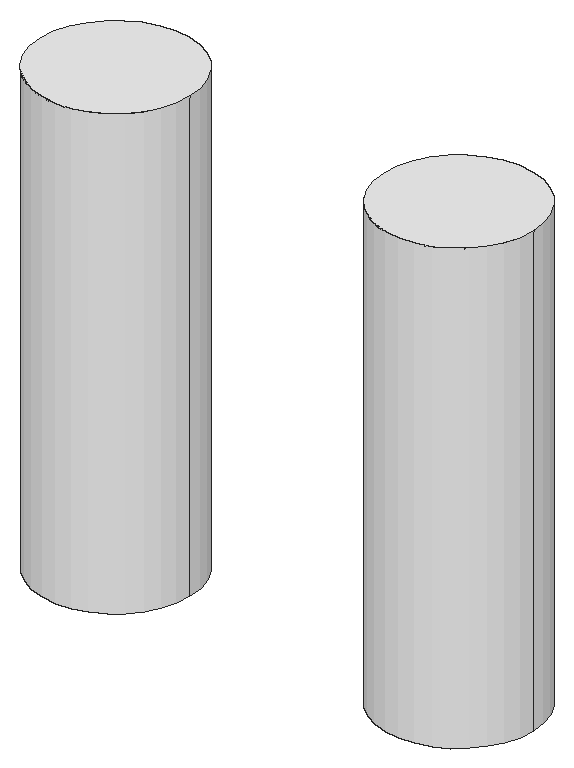
Revit family "92102219(2023)", category Plumbing Fixtures, Revit 2020
Family settings
  Round Connector Dimension = Use Diameter
  Part Type = Normal
  OmniClass Number = 23.45.55.00
  OmniClass Title = Sanitary Faucets, Wastes
  Work Plane-Based = No
  Always vertical = Yes
  Cut with Voids When Loaded = No
  Shared = No
  Room Calculation Point = No
Parameters (values of type "92102219 Washbasin faucet, 3 V, Bluetooth")
  Working Pressure = "100 - 1000 kPa"
  WarrantyStartDate [instance] = "n/a"
  WarrantyGuarantorParts = "n/a"
  WarrantyGuarantorLabor = "n/a"
  WarrantyDurationUnit = "Year"
  WarrantyDurationParts = "n/a"
  WarrantyDurationLabor = "n/a"
  WarrantyDescription = "http://warranty.hansa.com"
  Warranty Information URL = "http://warranty.hansa.com"
  VersionDate = "01/06/2023"
  Version = "1"
  ValvePattern = "n/a"
  ValveOperation = "n/a"
  ValveMechanism = "n/a"
  Uniclass2015Reference = "Pr_40_20_87_96"
  Uniclass2015Description = "Washbasin manual water supply sets"
  Uniclass2 = "Pr_40_30_96_96"
  URL WEEE = "http://static.hansa.com/WEEE/92102219"
  URL UWL = "http://static.hansa.com/UWL/92102219"
  URL REACH = "http://static.hansa.com/doc/reach"
  URL EcoLabel Declaration = "http://static.hansa.com/doc/EcoLabel"
  URL EU Packaging Declaration = "http://static.hansa.com/doc/packaging"
  URL Declaration of SCIP = "http://static.hansa.com/doc/SCIP"
  URL Declaration of Conformity = "http://static.hansa.com/DoC/92102219"
  URL Declaration of Asbestos = "http://static.hansa.com/doc/asbestos"
  URL Declaration Of Performance (DOP) = "http://static.hansa.com/doc/DoP"
  URL = ""
  UNSPSC Class Number = "30181700 Faucets or taps"
  Type Comments = ""
  TestPressure = "n/a"
  Temperature Adjustments = "Adjustable hot water stop (included, retrofittable)"
  Technical DataSheet URL = "http://www.hansa.com/datasheet/92102219/en"
  TagNumber [instance] = "n/a"
  SustainabilityPerformance = "n/a"
  Surface treatment = "Chrome"
  Spout Type = "Fixed spout"
  Spout Projection = "117 mm"
  Size = "70x165x135 mm"
  Shape = "Sculptured"
  SerialNumber [instance] = "n/a"
  Sales Package dimensions (LxWxH) = "284 x 191 x 83.5"
  Revision = "n/a"
  ReplacementCost = "n/a"
  Protection Class = "IP 55"
  ProductInformation = "n/a"
  Product URL = "http://static.hansa.com/92102219"
  Product Image URL = "http://static.hansa.com/image/92102219"
  Product Family = "HANSAELECTRA Safety"
  Product Code = "92102219"
  OperatingMechanismMaterial = "n/a"
  Operating Voltage = 39 V
  Operating Distance = "20-130 mm (110/130/160 mm)"
  NominalWidth = 69.286 mm
  NominalHeight = 135.012 mm
  NominalDepth = 163.081 mm
  Noise Class = "I (ISO 3822) "
  Name_en = "92102219 Washbasin faucet, 3 V, Bluetooth"
  Name = "92102219 Washbasin faucet, 3 V, Bluetooth"
  NBSReference = "45-35-70/371"
  NBSDescription = "Water supply fittings for wash basins and troughs"
  Mounting Holes = "1 hole"
  ModelReference = "92102219"
  ModelNumber = "n/a"
  Model = "92102219 Washbasin faucet, 3 V, Bluetooth"
  Mobile Product Information URL = "http://mpi.hansa.com/92102219"
  Mechanical Parts = "Mixing valve for manual temperature control;Non-return valve(s);Litter filter(s)"
  Max. Hot Water Supply = 70 °C
  Max Flow Period = "2 min (1 - 1800 s)"
  Material = "Composite"
  Market = "International;Germany;Austria;Switzerland;Belgium;Netherlands;Italy"
  ManufacturerURL = "http://www.hansa.com"
  ManufacturerName = "HANSA"
  Manufacturer = "HANSA"
  Long Marketing = "Electra 92 series is giving you a whole new modern design with its rounded square body and spout. Giving you new fresh and updated design.\nDesign compliments the new trends of the modern bathroom with its more squared design.\n\nKey Features\nAerator with Tilt function +/- 10° for more flexible installation\nNewest Sensor technology for better detection and operation comfort\nBluetooth technology for easy adjustment to personalize settings \nAntiscalding protection\nTemperature measurement\nBattery and power cable"
  Lever Handle = "Temperature control handle"
  Keynote = ""
  InstallationDate [instance] = "n/a"
  Installation Type = "Deck mounted"
  InletConnectionSize = 10 mm
  IfcExportType = "FAUCET"  # constant formula
  IfcExportAs = "IfcValveType"  # constant formula
  Group = "Washbasin faucet"
  Grade = "n/a"
  FlowCoefficient = 0
  Flow Rate At 300kPa With Flow Controller = 0.09 L/s
  Flow Drawing URL = "http://static.hansa.com/flowchart/92102219"
  Finish = "Polished"
  Features = "Touchless;Battery-operated;External transformer;Bluetooth®;Lead free"
  FaucetMainMaterial = Brass
  FDV Document URL = "http://www.hansa.com/datasheet/92102219/en/fdv"
  ExpectedLife = "n/a"
  Electronic Parts = ";Light indicated function(s);Low battery indicator"
  Electrical Connection = "9 V"
  ETIM Class Number = "EC010340 Electronic tap"
  EN Standard = "EN 15091"
  EMC Directive = "2014/53/EU , 2011/65/EU"
  EAN Number = "4057304019296"
  DurationUnit = "Year"
  Dimension Drawing URL = "http://static.hansa.com/dimdrw/92102219"
  Description = ""
  DefaultElevation [instance] = 900 mm
  Default Elevation = 0 mm
  Constituents = "n/a"
  Connection Size = "G3/8"
  Connection = "Flexible inlet pipes"
  Color = "Chrome"
  CodePerformance = "n/a"
  CloseOffRating = 0
  Catalog Drawing URL = "http://static.hansa.com/catdrw/92102219"
  Brand = "HANSA"
  BodyMaterial = "Brass"
  Bluetooth = "5.x (D060576)"
  Battery = "AA 1.5 V Lithium x 2"
  Barcode [instance] = "n/a"
  Backflow Prevention EN1717 = "EB"
  BIMObjectName = "92102219(2023)"
  Automatic Flush Period = "30 s (1-1800 s)"
  Automatic Flush Frequency = "off (off/1-120 h)"
  Author = "BIMStone"
  AssetType = "Fixed"
  AssetIdentifier [instance] = "n/a"
  Afterflow Period = "3 s (1-20 s)"
  Aerator = "PCA® - constant flow rate regardless of pressure variations;Adjustable flow angle"
  Advanced Features = "3S-installation system for safe and simple mounting"
  AccessibilityPerformance = "n/a"
  2D/3D/BIM Files URL = "http://static.hansa.com/bim/92102219"
Reference planes
  plane 1 "Center (Front/Back)": y = 0
  plane 2: z = 0
  plane 3 "Center (Left/Right)": x = 0
  plane 4: x = -27.304
  plane 5: z = 900
  plane 6: z = 870
  plane 7: y = -163.081
  plane 8: x = 27.304
  plane 9: z = 1035.012
  plane 10: x = 41.982
Forms (mm)
  Extrusion 1, solid, material "Brass" <- "FaucetMainMaterial"
    sketch origin (0, -2.393, 0) x (1, 0, 0) y (0, 1, 0)
      loop
        circle (-11.5, -22.5) r 5
      loop
        circle (11.5, -22.5) r 5
    from 870 to 900
Dimensions and locks
  "DefaultElevation": plane 5 to level
  locked: plane 5 to plane 6 at 30
  "NominalDepth": plane 7 to plane 1 "Center (Front/Back)"
  equal spacing: plane 4, plane 3 "Center (Left/Right)", plane 8
  "NominalHeight": plane 9 to plane 5
  locked: plane 8 to plane 10 at 14.678
  "NominalWidth": plane 4 to plane 10
  "InletConnectionSize": diameter of Extrusion 1 sketch curve  (x2)
  aligned and locked: level to plane 2
  aligned and locked: plane 5 to Extrusion 1
  aligned and locked: Extrusion 1 to plane 6
  aligned and locked: plane 1 "Center (Front/Back)" to nested 2
  aligned and locked: plane 3 "Center (Left/Right)" to nested 2
  aligned and locked: plane 3 "Center (Left/Right)" to nested 1
  aligned and locked: plane 1 "Center (Front/Back)" to nested 1
  aligned and locked: plane 5 to nested 2
Automatic sketch dimensions
  Extrusion 1 sketch curve to plane 3 "Center (Left/Right)" = 11.5 mm
  plane 3 "Center (Left/Right)" to Extrusion 1 sketch curve = 11.5 mm
  plane 1 "Center (Front/Back)" to Extrusion 1 sketch curve = 24.893 mm
  Extrusion 1 sketch curve to Extrusion 1 sketch curve = 0 mm
Nested families
  nested 1: "Symbol" at (0, 0, 0), type "Symbol", detail levels coarse
  nested 2: "92102219(2023)_Body" at (0, 0, 900), Material <- "FaucetMainMaterial", type "92102219(2023)_Body"
    with Material Brass
Connectors
  piping at (-11.5, -24.893, 870), diameter 10, driven by "InletConnectionSize"
    settings: on Extrusion 1, index 1, connector inside diameter 609.6 mm, connector length 0 mm, flow factor 0, pipe flow 0.2 L/s, pressure drop 0.0 Pa, fitting loss kfactor 0, connector angle 0.00°, fixture units 0, engagement length 0 mm, angle of deflection 0.00°, flow configuration 1, flow direction 1, fitting loss method 0, system type 19, joint type 0, gender type 0, connector reference index -1, connector utility 0, adjustable connector no, is connector primary yes, connector description ""
  piping at (11.5, -24.893, 870), diameter 10, driven by "InletConnectionSize"
    settings: on Extrusion 1, index 2, connector inside diameter 609.6 mm, connector length 0 mm, flow factor 0, pipe flow 0.2 L/s, pressure drop 0.0 Pa, fitting loss kfactor 0, connector angle 0.00°, fixture units 0, engagement length 0 mm, angle of deflection 0.00°, flow configuration 1, flow direction 1, fitting loss method 0, system type 20, joint type 0, gender type 0, connector reference index -1, connector utility 0, adjustable connector no, is connector primary no, connector description ""
Definition of nested family "Symbol"
  Reference planes
    plane 1: y = 0
    plane 2: x = 0
  Lines and regions (mm)
    detail lines
      curve 1: line (0, 0, 0) -> (0, -1.8, 0)
      curve 2: line (-0.4, -1.1, 0) -> (0.4, -1.1, 0)
      curve 3: line (-0.4, -1.4, 0) -> (0.4, -1.4, 0)
      curve 4: line (0.863, 0, 0) -> (-0.863, 0, 0)
      curve 5: circle (-1.163, 0, 0) r 0.3 normal (0, 0, -1)
      curve 6: circle (1.163, 0, 0) r 0.3 normal (0, 0, 1)
